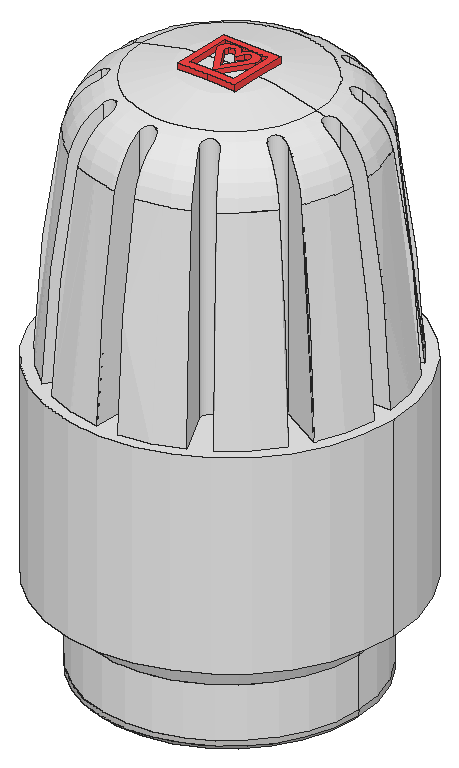
Revit family "HERZ-Herzcules-Thermostatkopf M28x1.5 9860", category Rohrzubehör, Revit 2020
Family settings
  Bemaßung runder Anschluss = Durchmesser verwenden
  Teiletyp = Normal
  OmniClass-Nummer = 23.65.55.14
  OmniClass-Titel = Valves for Liquid Services
  Arbeitsebenenbasiert = Nein
  Immer vertikal = Nein
  Beim Laden mit Abzugskörper schneiden = Nein
  Gemeinsam genutzt = Nein
Parameters
  Vorgabe-Ansicht = 0.000 mm
  URL = "www.herz-armaturen.at"
  Sollwertbereich = "8 - 26°C"  # constant formula
  S02 = 60.000 mm  # constant formula
  S01 = 81.000 mm  # constant formula
  Hersteller = "HERZ Armaturen Ges.m.b.H."  # constant formula
  Handrad = "Kunststoff, weiß"  # constant formula
  Funktionsweise = "Der HERZ-Thermostat dient als Fühl- und Regelelement.\r\nDurch die Volumsänderung der Flüssigkeitsfüllung im HERZ-Hydrosensor wird die Schubspindel des Ventils bewegt."
  Bestellnummer = 1986010  # constant formula
  Ausführungen = "HERZCULES, Heizkörperthermostat in Massivausführung\r\ngegen Vandalismus, Diebstahl und unbefugte Betätigung.\r\nMontage, Demontage und Sollwerteinstellung nur mit Spezialwerkzeugen möglich.\r\nSollwerteinstellung verriegelt, Einstellanzeige bleibt in verriegelter Position verdeckt.\r\nMit automatischer Frostsicherung."
  Anwendungen = "HERZCULES, Thermostatkopf zur Montage auf HERZ-Ventilen, die für thermostatischen Betrieb eingerichtet sind."
Reference planes
  plane 1 "Mitte (Vorne/hinten)": y = 0
  plane 2: z = 0
  plane 3 "Mitte (Links/rechts)": x = 0
Forms (mm)
  Revolve 1, solid, material "Kunststoff weiß", detail levels fine
    sketch origin (0, 0, 0) x (1, 0, 0) y (0, 0, 1)
      loop
        line (-20.5, -3.5) -> (-14, -3.5) -> (-14, 0) -> (0, 0) -> (0, 81)
        arc (0, 81) -> (-6.982, 80.51) -> (-13.827, 79.05) r 50
        arc (-13.827, 79.05) -> (-18.34, 76.173) -> (-20.722, 71.381) r 10
        arc (-20.722, 71.381) -> (-23.123, 55.561) -> (-24.254, 39.6) r 200.5
        line (-24.254, 39.6) -> (-26, 39.6) -> (-26, 9) -> (-23.156, 9) -> (-20.5, 4.4) -> (-20.5, -3.5)
      axis (0, 81) -> (0, -3.5)
    angle from 0 to 360
  Revolve 2, solid, material "Messing verzinkt", detail levels fine
    sketch origin (0, 0, -5) x (1, 0, 0) y (0, 0, 1)
      loop
        line (-14, 0) -> (-14, 1.5) -> (-20.5, 1.5) -> (-20.5, 0.7) -> (-19.8, 0) -> (-14, 0)
      axis (0, 1.5) -> (0, 0)
    angle from 0 to 360
  Extrusion 3, void
    sketch origin (0, 0, 0) x (1, 0, 0) y (0, 1, 0)
      loop
        line (1.7, -24.289) -> (1.331, -16.288)
        arc (1.331, -16.288) -> (-0.021, -15) -> (-1.366, -16.294) r 1.35
        line (-1.366, -16.294) -> (-1.7, -24.292)
        arc (-1.7, -24.292) -> (0, -24.35) -> (1.7, -24.289) r 24.35
      loop
        arc (-13.65, -20.176) -> (-12.208, -21.079) -> (-10.707, -21.879) r 24.35
        line (-10.707, -21.879) -> (-6.996, -14.785)
        arc (-6.996, -14.785) -> (-7.515, -12.992) -> (-9.329, -13.431) r 1.35
        line (-9.329, -13.431) -> (-13.65, -20.176)
      loop
        line (-20.194, -13.632) -> (-13.449, -9.312)
        arc (-13.449, -9.312) -> (-13.009, -7.497) -> (-14.803, -6.979) r 1.35
        line (-14.803, -6.979) -> (-21.896, -10.689)
        arc (-21.896, -10.689) -> (-21.097, -12.19) -> (-20.194, -13.632) r 24.35
      loop
        arc (-24.307, 1.718) -> (-24.368, 0.018) -> (-24.309, -1.682) r 24.35
        line (-24.309, -1.682) -> (-16.311, -1.349)
        arc (-16.311, -1.349) -> (-15.018, -0.003) -> (-16.305, 1.349) r 1.35
        line (-16.305, 1.349) -> (-24.307, 1.718)
      loop
        arc (1.7, 24.289) -> (0, 24.35) -> (-1.7, 24.292) r 24.35
        line (-1.7, 24.292) -> (-1.366, 16.294)
        arc (-1.366, 16.294) -> (-0.021, 15) -> (1.331, 16.288) r 1.35
        line (1.331, 16.288) -> (1.7, 24.289)
      loop
        line (-13.65, 20.176) -> (-9.329, 13.431)
        arc (-9.329, 13.431) -> (-7.515, 12.992) -> (-6.996, 14.785) r 1.35
        line (-6.996, 14.785) -> (-10.707, 21.879)
        arc (-10.707, 21.879) -> (-12.208, 21.079) -> (-13.65, 20.176) r 24.35
      loop
        arc (-20.194, 13.632) -> (-21.097, 12.19) -> (-21.896, 10.689) r 24.35
        line (-21.896, 10.689) -> (-14.803, 6.979)
        arc (-14.803, 6.979) -> (-13.009, 7.497) -> (-13.449, 9.312) r 1.35
        line (-13.449, 9.312) -> (-20.194, 13.632)
      loop
        line (24.307, 1.718) -> (16.305, 1.349)
        arc (16.305, 1.349) -> (15.018, -0.003) -> (16.311, -1.349) r 1.35
        line (16.311, -1.349) -> (24.309, -1.682)
        arc (24.309, -1.682) -> (24.368, 0.018) -> (24.307, 1.718) r 24.35
      loop
        arc (13.65, 20.176) -> (12.208, 21.079) -> (10.707, 21.879) r 24.35
        line (10.707, 21.879) -> (6.996, 14.785)
        arc (6.996, 14.785) -> (7.515, 12.992) -> (9.329, 13.431) r 1.35
        line (9.329, 13.431) -> (13.65, 20.176)
      loop
        line (20.194, 13.632) -> (13.449, 9.312)
        arc (13.449, 9.312) -> (13.009, 7.497) -> (14.803, 6.979) r 1.35
        line (14.803, 6.979) -> (21.896, 10.689)
        arc (21.896, 10.689) -> (21.097, 12.19) -> (20.194, 13.632) r 24.35
      loop
        line (13.65, -20.176) -> (9.329, -13.431)
        arc (9.329, -13.431) -> (7.515, -12.992) -> (6.996, -14.785) r 1.35
        line (6.996, -14.785) -> (10.707, -21.879)
        arc (10.707, -21.879) -> (12.208, -21.079) -> (13.65, -20.176) r 24.35
      loop
        arc (20.194, -13.632) -> (21.097, -12.19) -> (21.896, -10.689) r 24.35
        line (21.896, -10.689) -> (14.803, -6.979)
        arc (14.803, -6.979) -> (13.009, -7.497) -> (13.449, -9.312) r 1.35
        line (13.449, -9.312) -> (20.194, -13.632)
    from 39.6 to 90
Cuts and joins
  Extrusion 3 cuts Revolve 1
Lines and regions (mm)
  model lines, detail levels coarse+medium
    curve 1: line (0, 0, 0) -> (0, 0, 21)
    curve 2: line (0, -0.017, 0) -> (0, 21, 0)
    curve 3: circle (0, 0, 51) r 30 normal (0, -1, 0)
    curve 4: circle (0, 0, 51) r 30 normal (1, 0, 0)
    curve 5: line (0, 0, 31) -> (0, 0, 71)
    curve 6: line (0, 17.5, 71) -> (0, -17.5, 71)
    curve 7: line (0, 0, 31) -> (0, 0, 71)
    curve 8: line (-17.5, 0, 71) -> (17.5, 0, 71)
    curve 9: circle (0, 51, 0) r 30 normal (0, 0, 1)
    curve 10: line (0, 31, 0) -> (0, 71, 0)
    curve 11: line (-17.5, 71, 0) -> (17.5, 71, 0)
Dimensions and locks
  nested 1 to plane 2 = 80.000 mm
  "S01": curve 4 to plane 2
  "S01": curve 3 to plane 2
  "S01": plane 1 "Mitte (Vorne/hinten)" to curve 9
  "S02": diameter of curve 3
  "S02": diameter of curve 4
  "S02": diameter of curve 9
  aligned and locked: level to plane 2
Automatic sketch dimensions
  Revolve 1 sketch curve to level = 0.000 mm
  Revolve 1 sketch curve to plane 3 "Mitte (Links/rechts)" = 0.000 mm  (x2)
  Revolve 1 sketch curve to plane 3 "Mitte (Links/rechts)" = 10.903 mm
  Revolve 1 sketch curve to plane 3 "Mitte (Links/rechts)" = 14.000 mm
  Revolve 1 sketch curve to Revolve 1 sketch curve = 6.500 mm
  level to Revolve 1 sketch curve = 9.000 mm
  Revolve 1 sketch curve to Revolve 1 sketch curve = 2.656 mm
  Revolve 1 sketch curve to plane 3 "Mitte (Links/rechts)" = 24.254 mm
  Revolve 1 sketch curve to Revolve 1 sketch curve = 1.746 mm
  level to Revolve 1 sketch curve = 33.411 mm
  plane 3 "Mitte (Links/rechts)" to Revolve 1 sketch curve = 176.150 mm
  Revolve 1 sketch curve to level = 3.500 mm
  level to Revolve 1 sketch curve = 4.400 mm
  level to Revolve 1 sketch curve = 31.000 mm
  Revolve 1 sketch curve to Revolve 1 sketch curve = 8.600 mm
  Revolve 1 sketch curve to Revolve 1 sketch curve = 29.887 mm
  Revolve 1 sketch curve to Revolve 1 sketch curve = 11.513 mm
  Revolve 1 sketch curve to Revolve 1 sketch curve = 2.925 mm
  level to Revolve 1 sketch curve = 5.000 mm
  Revolve 1 sketch curve to Revolve 1 sketch curve = 2133.315 mm
  Revolve 2 sketch curve to plane 3 "Mitte (Links/rechts)" = 0.000 mm
  Revolve 2 sketch curve to level = 5.000 mm
  Revolve 2 sketch curve to plane 3 "Mitte (Links/rechts)" = 14.000 mm
  Revolve 2 sketch curve to Revolve 2 sketch curve = 5.800 mm
  Revolve 2 sketch curve to Revolve 2 sketch curve = 0.700 mm  (x2)
  Revolve 2 sketch curve to Revolve 2 sketch curve = 1.500 mm
  Revolve 2 sketch curve to Revolve 2 sketch curve = 366.045 mm
  level to Revolve 2 sketch curve = 2209.315 mm
  Extrusion 3 sketch curve to Extrusion 3 sketch curve = 0.000 mm  (x62)
  plane 1 "Mitte (Vorne/hinten)" to Extrusion 3 sketch curve = 0.000 mm  (x4)
  plane 1 "Mitte (Vorne/hinten)" to Extrusion 3 sketch curve = 1.682 mm  (x2)
  Extrusion 3 sketch curve to plane 3 "Mitte (Links/rechts)" = 24.309 mm
  Extrusion 3 sketch curve to plane 1 "Mitte (Vorne/hinten)" = 1.718 mm  (x2)
  Extrusion 3 sketch curve to Extrusion 3 sketch curve = 0.002 mm
  plane 1 "Mitte (Vorne/hinten)" to Extrusion 3 sketch curve = 10.689 mm  (x2)
  Extrusion 3 sketch curve to Extrusion 3 sketch curve = 2.413 mm
  plane 1 "Mitte (Vorne/hinten)" to Extrusion 3 sketch curve = 13.632 mm
  Extrusion 3 sketch curve to Extrusion 3 sketch curve = 4.113 mm
  Extrusion 3 sketch curve to Extrusion 3 sketch curve = 7.942 mm
  plane 1 "Mitte (Vorne/hinten)" to Extrusion 3 sketch curve = 1.349 mm  (x2)
  Extrusion 3 sketch curve to Extrusion 3 sketch curve = 0.056 mm
  Extrusion 3 sketch curve to plane 1 "Mitte (Vorne/hinten)" = 1.349 mm  (x2)
  Extrusion 3 sketch curve to plane 1 "Mitte (Vorne/hinten)" = 6.979 mm  (x2)
  Extrusion 3 sketch curve to Extrusion 3 sketch curve = 1.503 mm  (x4)
  plane 1 "Mitte (Vorne/hinten)" to Extrusion 3 sketch curve = 6.979 mm  (x2)
  Extrusion 3 sketch curve to Extrusion 3 sketch curve = 1.509 mm
  Extrusion 3 sketch curve to Extrusion 3 sketch curve = 0.626 mm  (x6)
  Extrusion 3 sketch curve to Extrusion 3 sketch curve = 6.544 mm  (x2)
  Extrusion 3 sketch curve to plane 1 "Mitte (Vorne/hinten)" = 9.312 mm
  Extrusion 3 sketch curve to Extrusion 3 sketch curve = 0.728 mm  (x6)
  plane 1 "Mitte (Vorne/hinten)" to Extrusion 3 sketch curve = 9.312 mm
  Extrusion 3 sketch curve to Extrusion 3 sketch curve = 2.943 mm  (x4)
  Extrusion 3 sketch curve to Extrusion 3 sketch curve = 4.120 mm  (x6)
  Extrusion 3 sketch curve to Extrusion 3 sketch curve = 1.137 mm  (x4)
  Extrusion 3 sketch curve to Extrusion 3 sketch curve = 1.196 mm  (x5)
  Extrusion 3 sketch curve to plane 3 "Mitte (Links/rechts)" = 1.700 mm  (x2)
  Extrusion 3 sketch curve to plane 3 "Mitte (Links/rechts)" = 1.366 mm  (x2)
  Extrusion 3 sketch curve to plane 3 "Mitte (Links/rechts)" = 0.018 mm  (x2)
  plane 3 "Mitte (Links/rechts)" to Extrusion 3 sketch curve = 0.018 mm
  plane 3 "Mitte (Links/rechts)" to Extrusion 3 sketch curve = 1.331 mm  (x2)
  plane 3 "Mitte (Links/rechts)" to Extrusion 3 sketch curve = 1.700 mm  (x2)
  Extrusion 3 sketch curve to Extrusion 3 sketch curve = 5.665 mm  (x2)
  Extrusion 3 sketch curve to Extrusion 3 sketch curve = 3.710 mm  (x2)
  Extrusion 3 sketch curve to Extrusion 3 sketch curve = 0.006 mm  (x3)
  Extrusion 3 sketch curve to Extrusion 3 sketch curve = 6.745 mm  (x6)
  Extrusion 3 sketch curve to Extrusion 3 sketch curve = 1.702 mm  (x3)
  Extrusion 3 sketch curve to plane 1 "Mitte (Vorne/hinten)" = 10.689 mm  (x2)
  Extrusion 3 sketch curve to Extrusion 3 sketch curve = 8.002 mm  (x3)
  Extrusion 3 sketch curve to Extrusion 3 sketch curve = 7.181 mm
  Extrusion 3 sketch curve to Extrusion 3 sketch curve = 4.848 mm
  Extrusion 3 sketch curve to Extrusion 3 sketch curve = 2.333 mm
  Extrusion 3 sketch curve to Extrusion 3 sketch curve = 4.320 mm
  curve 5 to plane 1 "Mitte (Vorne/hinten)" = 0.000 mm
  curve 4 to plane 1 "Mitte (Vorne/hinten)" = 0.000 mm
  plane 1 "Mitte (Vorne/hinten)" to curve 6 = 17.500 mm
  curve 5 to curve 6 = 17.500 mm
  curve 5 to curve 4 = 20.000 mm
  curve 4 to curve 6 = 20.000 mm
  curve 3 to plane 3 "Mitte (Links/rechts)" = 0.000 mm
  curve 7 to plane 3 "Mitte (Links/rechts)" = 0.000 mm
  curve 1 to plane 3 "Mitte (Links/rechts)" = 0.000 mm
  curve 1 to level = 0.000 mm
  curve 8 to curve 7 = 17.500 mm
  plane 3 "Mitte (Links/rechts)" to curve 8 = 17.500 mm
  curve 1 to curve 7 = 10.000 mm
  curve 3 to curve 8 = 20.000 mm
  curve 9 to plane 3 "Mitte (Links/rechts)" = 0.000 mm
  curve 10 to plane 3 "Mitte (Links/rechts)" = 0.000 mm
  curve 2 to plane 3 "Mitte (Links/rechts)" = 0.000 mm
  curve 11 to curve 10 = 17.500 mm
  plane 3 "Mitte (Links/rechts)" to curve 11 = 17.500 mm
  plane 1 "Mitte (Vorne/hinten)" to curve 2 = 0.017 mm
  curve 2 to curve 10 = 10.000 mm
  curve 9 to curve 11 = 20.000 mm
Nested families
  nested 1: "Herz-Logo" at (0, 0, 80), type "Herz-Logo", detail levels fine
Definition of nested family "Herz-Logo"
  Parameters (values of type "Herz-Logo")
    Default Elevation = 0.000 mm
  Reference planes
    plane 1 "Mitte (Vorne/hinten)": y = 0
    plane 2: z = 0
    plane 3 "Mitte (Links/rechts)": x = 0
  Forms (mm)
    Extrusion 1, solid
      sketch origin (0, 0, 0) x (1, 0, 0) y (0, 1, 0)
        loop
          line (-0.018, -4.517) -> (4.482, -4.517) -> (4.482, 4.483) -> (-4.518, 4.483) -> (-4.518, -4.517) -> (-0.018, -4.517)
        loop
          line (-0.05, -3.48) -> (3.482, -3.48) -> (3.482, 3.483) -> (-3.518, 3.483) -> (-3.518, -3.48) -> (-0.05, -3.48)
        loop
          arc (-0.018, 2.383) -> (-1.543, 3.287) -> (-3.067, 2.383) r 1.738
          arc (-3.067, 2.383) -> (-3.191, 1.899) -> (-3.067, 1.415) r 1.009
          line (-3.067, 1.415) -> (-0.018, -3.281) -> (3.032, 1.415)
          arc (3.032, 1.415) -> (3.156, 1.899) -> (3.032, 2.383) r 1.009
          arc (3.032, 2.383) -> (1.507, 3.287) -> (-0.018, 2.383) r 1.738
        loop
          arc (1.885, 1.272) -> (2.005, 1.675) -> (1.885, 2.079) r 0.74
          arc (1.885, 2.079) -> (1.265, 2.416) -> (0.644, 2.079) r 0.74
          line (0.644, 2.079) -> (-0.018, 0.97) -> (-0.679, 2.079)
          arc (-0.679, 2.079) -> (-1.3, 2.416) -> (-1.921, 2.079) r 0.74
          arc (-1.921, 2.079) -> (-2.04, 1.675) -> (-1.921, 1.272) r 0.74
          line (-1.921, 1.272) -> (-0.018, -1.658) -> (1.885, 1.272)
      from 0 to 1.5
  Dimensions and locks
    aligned and locked: level to plane 2
